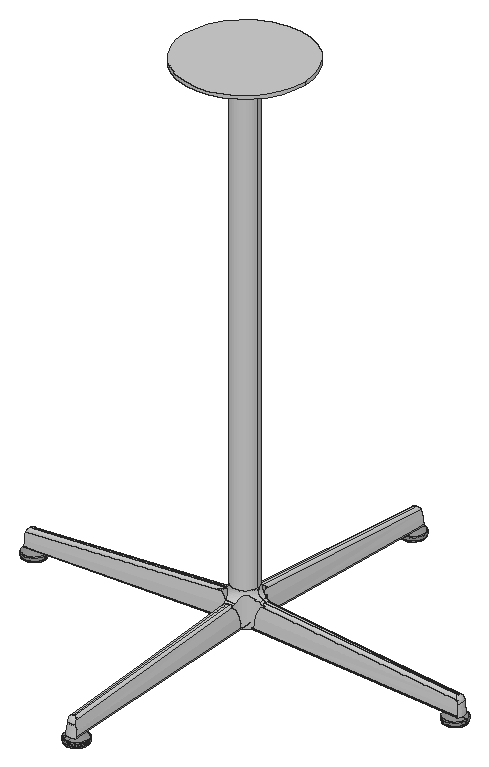
Revit family "FU_Table Base_Sandler_Elix 9-1", category Furniture, Revit 2020
Family settings
  OmniClass Number = 23.40.20.00
  OmniClass Title = General Furniture and Specialties
  Work Plane-Based = No
  Always vertical = Yes
  Cut with Voids When Loaded = No
  Shared = No
  Room Calculation Point = No
Parameters (values of type "Elix 9.1")
  Width = 880 mm
  URL = "https://www.sandlerseating.com/product/elix-9-1/"
  Model = "Elix 9.1"
  Manufacturer = "Sandler"
  Height = 1030 mm
  Description = "Table base with central column in steel tube and 4 spoke base made of cast aluminum alloy. Height 103cm (40.5″)"
  Depth = 880 mm
  Default Elevation = 0 mm
  Base [instance] = Metal - Chrome - Polished
Reference planes
  plane 1 "Center (Front/Back)": y = 0
  plane 2: z = 0
  plane 3 "Center (Left/Right)": x = 0
  plane 4 "Right": x = -440
  plane 5 "Left": x = 440
  plane 6 "Back": y = 440
  plane 7 "Front": y = -440
  plane 8 "Height": z = 1030
  plane 9 "Top Support Base FRONT": z = 1024
  plane 10 "Column Base FRONT": z = 30
Forms (mm)
  Revolve 1, solid, material "Rubber, Black"
    sketch origin (0, 0, 0) x (1, 0, 0) y (0, 0, 1)
      loop
        line (410.594, 13.752) -> (395.25, 8.808)
        arc (395.25, 8.808) -> (394.744, 8.442) -> (394.55, 7.848) r 1.009
        line (394.55, 7.848) -> (394.55, 3.083) -> (395.363, 3.083) -> (395.363, 0.508)
        arc (395.363, 0.508) -> (395.512, 0.149) -> (395.872, 0) r 0.508
        line (395.872, 0) -> (416.86, 0) -> (416.86, 17.876) -> (413.727, 17.876) -> (413.727, 13.752) -> (410.594, 13.752)
      axis (416.86, 17.876) -> (416.86, 0)
    angle from 0 to 360
  SweptBlend 2, solid, material "Metal - Chrome - Polished" <- "Base"
    path origin (0, 0, 0) x (0, 1, 0) y (0, 0, 1)
      loop
        line (0, 30.809) -> (440, 13.61)
    profile "Pro_Elix_leg 01 : Pro_Elix_leg 01" origin (0, 0, 30.809) x (0, 0.039059, 0.999237) y (1, 0, 0)
      loop
        line (0, 10.812) -> (0, -10.831)
        arc (0, -10.831) -> (0.601, -12.24) -> (2.035, -12.78) r 1.951
        arc (2.035, -12.78) -> (24.003, -11.524) -> (45.777, -8.35) r 251.335
        arc (45.777, -8.35) -> (48.704, -6.451) -> (50.036, -3.226) r 5.871
        arc (50.036, -3.226) -> (50.226, 0) -> (50.036, 3.226) r 27.435
        arc (50.036, 3.226) -> (48.358, 6.831) -> (44.768, 8.541) r 5.871
        arc (44.768, 8.541) -> (23.494, 11.575) -> (2.038, 12.78) r 251.335
        arc (2.038, 12.78) -> (0.601, 12.229) -> (0, 10.812) r 1.97
    end profile "Pro_Elix_leg 02 : Pro_Elix_leg 02" origin (0, 440, 13.61) x (0, 0.039059, 0.999237) y (1, 0, 0)
      loop
        arc (2.027, 10.201) -> (0.598, 9.653) -> (0, 8.245) r 1.957
        line (0, 8.245) -> (0, -8.201)
        arc (0, -8.201) -> (0.611, -9.64) -> (2.071, -10.199) r 2
        arc (2.071, -10.199) -> (15.038, -9.327) -> (27.923, -7.64) r 206.561
        arc (27.923, -7.64) -> (31.401, -5.74) -> (32.922, -2.08) r 5.969
        arc (32.922, -2.08) -> (32.981, -0.031) -> (32.93, 2.02) r 38.231
        arc (32.93, 2.02) -> (31.402, 5.723) -> (27.889, 7.646) r 6.016
        arc (27.889, 7.646) -> (14.998, 9.331) -> (2.027, 10.201) r 206.561
  Sweep 3, void
    path origin (0, 0, 0) x (0, 1, 0) y (0, 0, 1)
      loop
        line (432.168, 12.166) -> (430.049, 36.382)
        arc (430.049, 36.382) -> (426.614, 44.752) -> (418.432, 48.611) r 12.5
    profile "Pro_edgeCut_20mm : Pro_edgeCut_20mm" origin (0, 431.109, 24.274) x (0, -0.996195, -0.087155) y (1, 0, 0)
      loop
        line (-19, 20) -> (-19, -20) -> (5.142, -14.142)
        arc (5.142, -14.142) -> (-0.716, 0) -> (5.142, 14.142) r 20
        line (5.142, 14.142) -> (-19, 20)
  Revolve 4, solid, material "Rubber, Black"
    sketch origin (0, 0, 0) x (-1, 0, 0) y (0, 0, 1)
      loop
        line (410.594, 13.752) -> (395.25, 8.808)
        arc (395.25, 8.808) -> (394.744, 8.442) -> (394.55, 7.848) r 1.009
        line (394.55, 7.848) -> (394.55, 3.083) -> (395.363, 3.083) -> (395.363, 0.508)
        arc (395.363, 0.508) -> (395.512, 0.149) -> (395.872, 0) r 0.508
        line (395.872, 0) -> (416.86, 0) -> (416.86, 17.876) -> (413.727, 17.876) -> (413.727, 13.752) -> (410.594, 13.752)
      axis (416.86, 17.876) -> (416.86, 0)
    angle from 0 to 360
  Revolve 5, solid, material "Rubber, Black"
    sketch origin (0, 0, 0) x (0, 1, 0) y (0, 0, 1)
      loop
        line (410.594, 13.752) -> (395.25, 8.808)
        arc (395.25, 8.808) -> (394.744, 8.442) -> (394.55, 7.848) r 1.009
        line (394.55, 7.848) -> (394.55, 3.083) -> (395.363, 3.083) -> (395.363, 0.508)
        arc (395.363, 0.508) -> (395.512, 0.149) -> (395.872, 0) r 0.508
        line (395.872, 0) -> (416.86, 0) -> (416.86, 17.876) -> (413.727, 17.876) -> (413.727, 13.752) -> (410.594, 13.752)
      axis (416.86, 17.876) -> (416.86, 0)
    angle from 0 to 360
  Revolve 6, solid, material "Rubber, Black"
    sketch origin (0, 0, 0) x (0, -1, 0) y (0, 0, -1)
      loop
        line (410.594, -13.752) -> (413.727, -13.752) -> (413.727, -17.876) -> (416.86, -17.876) -> (416.86, 0) -> (395.872, 0)
        arc (395.872, 0) -> (395.512, -0.149) -> (395.363, -0.508) r 0.508
        line (395.363, -0.508) -> (395.363, -3.083) -> (394.55, -3.083) -> (394.55, -7.848)
        arc (394.55, -7.848) -> (394.744, -8.442) -> (395.25, -8.808) r 1.009
        line (395.25, -8.808) -> (410.594, -13.752)
      axis (416.86, -17.876) -> (416.86, 0)
    angle from 0 to 360
  SweptBlend 7, solid, material "Metal - Chrome - Polished" <- "Base"
    path origin (-0.019, 0, 0) x (0.000042, -1, 0) y (0, 0, 1)
      loop
        line (0, 30.809) -> (440, 13.61)
    profile "Pro_Elix_leg 01 : Pro_Elix_leg 01" origin (-0.019, 0, 30.809) x (0.000002, -0.039059, 0.999237) y (-1, -0.000042, 0)
      loop
        line (0, 10.812) -> (0, -10.831)
        arc (0, -10.831) -> (0.601, -12.24) -> (2.035, -12.78) r 1.951
        arc (2.035, -12.78) -> (24.003, -11.524) -> (45.777, -8.35) r 251.335
        arc (45.777, -8.35) -> (48.704, -6.451) -> (50.036, -3.226) r 5.871
        arc (50.036, -3.226) -> (50.226, 0) -> (50.036, 3.226) r 27.435
        arc (50.036, 3.226) -> (48.358, 6.831) -> (44.768, 8.541) r 5.871
        arc (44.768, 8.541) -> (23.494, 11.575) -> (2.038, 12.78) r 251.335
        arc (2.038, 12.78) -> (0.601, 12.229) -> (0, 10.812) r 1.97
    end profile "Pro_Elix_leg 02 : Pro_Elix_leg 02" origin (-0.001, -440, 13.61) x (0.000002, -0.039059, 0.999237) y (-1, -0.000042, 0)
      loop
        arc (2.027, 10.201) -> (0.598, 9.653) -> (0, 8.245) r 1.957
        line (0, 8.245) -> (0, -8.201)
        arc (0, -8.201) -> (0.611, -9.64) -> (2.071, -10.199) r 2
        arc (2.071, -10.199) -> (15.038, -9.327) -> (27.923, -7.64) r 206.561
        arc (27.923, -7.64) -> (31.401, -5.74) -> (32.922, -2.08) r 5.969
        arc (32.922, -2.08) -> (32.981, -0.031) -> (32.93, 2.02) r 38.231
        arc (32.93, 2.02) -> (31.402, 5.723) -> (27.889, 7.646) r 6.016
        arc (27.889, 7.646) -> (14.998, 9.331) -> (2.027, 10.201) r 206.561
  Sweep 8, void
    path origin (-0.019, 0, 0) x (0.000042, -1, 0) y (0, 0, 1)
      loop
        line (432.168, 12.166) -> (430.049, 36.382)
        arc (430.049, 36.382) -> (426.614, 44.752) -> (418.432, 48.611) r 12.5
    profile "Pro_edgeCut_20mm : Pro_edgeCut_20mm" origin (-0.001, -431.109, 24.274) x (-0.000042, 0.996195, -0.087155) y (-1, -0.000042, 0)
      loop
        line (-19, 20) -> (-19, -20) -> (5.142, -14.142)
        arc (5.142, -14.142) -> (-0.716, 0) -> (5.142, 14.142) r 20
        line (5.142, 14.142) -> (-19, 20)
  Revolve 9, solid, material "Rubber, Black"
    sketch origin (-0.019, 0, 0) x (0.000042, -1, 0) y (0, 0, 1)
      loop
        line (410.594, 13.752) -> (395.25, 8.808)
        arc (395.25, 8.808) -> (394.744, 8.442) -> (394.55, 7.848) r 1.009
        line (394.55, 7.848) -> (394.55, 3.083) -> (395.363, 3.083) -> (395.363, 0.508)
        arc (395.363, 0.508) -> (395.512, 0.149) -> (395.872, 0) r 0.508
        line (395.872, 0) -> (416.86, 0) -> (416.86, 17.876) -> (413.727, 17.876) -> (413.727, 13.752) -> (410.594, 13.752)
      axis (416.86, 17.876) -> (416.86, 0)
    angle from 0 to 360
  SweptBlend 10, solid, material "Metal - Chrome - Polished" <- "Base"
    path origin (0, -0.001, 0) x (1, -0.000001, 0) y (0, 0, 1)
      loop
        line (0, 30.809) -> (440, 13.61)
    profile "Pro_Elix_leg 01 : Pro_Elix_leg 01" origin (0, -0.001, 30.809) x (0.039059, 0, 0.999237) y (-0.000001, -1, 0)
      loop
        line (0, 10.812) -> (0, -10.831)
        arc (0, -10.831) -> (0.601, -12.24) -> (2.035, -12.78) r 1.951
        arc (2.035, -12.78) -> (24.003, -11.524) -> (45.777, -8.35) r 251.335
        arc (45.777, -8.35) -> (48.704, -6.451) -> (50.036, -3.226) r 5.871
        arc (50.036, -3.226) -> (50.226, 0) -> (50.036, 3.226) r 27.435
        arc (50.036, 3.226) -> (48.358, 6.831) -> (44.768, 8.541) r 5.871
        arc (44.768, 8.541) -> (23.494, 11.575) -> (2.038, 12.78) r 251.335
        arc (2.038, 12.78) -> (0.601, 12.229) -> (0, 10.812) r 1.97
    end profile "Pro_Elix_leg 02 : Pro_Elix_leg 02" origin (440, -0.002, 13.61) x (0.039059, 0, 0.999237) y (-0.000001, -1, 0)
      loop
        arc (2.027, 10.201) -> (0.598, 9.653) -> (0, 8.245) r 1.957
        line (0, 8.245) -> (0, -8.201)
        arc (0, -8.201) -> (0.611, -9.64) -> (2.071, -10.199) r 2
        arc (2.071, -10.199) -> (15.038, -9.327) -> (27.923, -7.64) r 206.561
        arc (27.923, -7.64) -> (31.401, -5.74) -> (32.922, -2.08) r 5.969
        arc (32.922, -2.08) -> (32.981, -0.031) -> (32.93, 2.02) r 38.231
        arc (32.93, 2.02) -> (31.402, 5.723) -> (27.889, 7.646) r 6.016
        arc (27.889, 7.646) -> (14.998, 9.331) -> (2.027, 10.201) r 206.561
  Sweep 11, void
    path origin (0, -0.001, 0) x (1, -0.000001, 0) y (0, 0, 1)
      loop
        line (432.168, 12.166) -> (430.049, 36.382)
        arc (430.049, 36.382) -> (426.614, 44.752) -> (418.432, 48.611) r 12.5
    profile "Pro_edgeCut_20mm : Pro_edgeCut_20mm" origin (431.108, -0.002, 24.274) x (-0.996195, 0.000001, -0.087155) y (-0.000001, -1, 0)
      loop
        line (-19, 20) -> (-19, -20) -> (5.142, -14.142)
        arc (5.142, -14.142) -> (-0.716, 0) -> (5.142, 14.142) r 20
        line (5.142, 14.142) -> (-19, 20)
  SweptBlend 12, solid, material "Metal - Chrome - Polished" <- "Base"
    path origin (0, 0.018, 0) x (-1, -0.000041, 0) y (0, 0, 1)
      loop
        line (0, 30.809) -> (440, 13.61)
    profile "Pro_Elix_leg 01 : Pro_Elix_leg 01" origin (0, 0.018, 30.809) x (-0.039059, -0.000002, 0.999237) y (-0.000041, 1, 0)
      loop
        line (0, 10.812) -> (0, -10.831)
        arc (0, -10.831) -> (0.601, -12.24) -> (2.035, -12.78) r 1.951
        arc (2.035, -12.78) -> (24.003, -11.524) -> (45.777, -8.35) r 251.335
        arc (45.777, -8.35) -> (48.704, -6.451) -> (50.036, -3.226) r 5.871
        arc (50.036, -3.226) -> (50.226, 0) -> (50.036, 3.226) r 27.435
        arc (50.036, 3.226) -> (48.358, 6.831) -> (44.768, 8.541) r 5.871
        arc (44.768, 8.541) -> (23.494, 11.575) -> (2.038, 12.78) r 251.335
        arc (2.038, 12.78) -> (0.601, 12.229) -> (0, 10.812) r 1.97
    end profile "Pro_Elix_leg 02 : Pro_Elix_leg 02" origin (-440, 0, 13.61) x (-0.039059, -0.000002, 0.999237) y (-0.000041, 1, 0)
      loop
        arc (2.027, 10.201) -> (0.598, 9.653) -> (0, 8.245) r 1.957
        line (0, 8.245) -> (0, -8.201)
        arc (0, -8.201) -> (0.611, -9.64) -> (2.071, -10.199) r 2
        arc (2.071, -10.199) -> (15.038, -9.327) -> (27.923, -7.64) r 206.561
        arc (27.923, -7.64) -> (31.401, -5.74) -> (32.922, -2.08) r 5.969
        arc (32.922, -2.08) -> (32.981, -0.031) -> (32.93, 2.02) r 38.231
        arc (32.93, 2.02) -> (31.402, 5.723) -> (27.889, 7.646) r 6.016
        arc (27.889, 7.646) -> (14.998, 9.331) -> (2.027, 10.201) r 206.561
  Sweep 13, void
    path origin (0, 0.018, 0) x (-1, -0.000041, 0) y (0, 0, 1)
      loop
        line (432.168, 12.166) -> (430.049, 36.382)
        arc (430.049, 36.382) -> (426.614, 44.752) -> (418.432, 48.611) r 12.5
    profile "Pro_edgeCut_20mm : Pro_edgeCut_20mm" origin (-431.109, 0, 24.274) x (0.996195, 0.000041, -0.087155) y (-0.000041, 1, 0)
      loop
        line (-19, 20) -> (-19, -20) -> (5.142, -14.142)
        arc (5.142, -14.142) -> (-0.716, 0) -> (5.142, 14.142) r 20
        line (5.142, 14.142) -> (-19, 20)
  Revolve 14, void
    sketch origin (0, 0, 0) x (1, 0, 0) y (0, 0, 1)
      loop
        line (36.075, 79.65) -> (64.504, 65) -> (75.234, 65) -> (75.234, 117.419) -> (45.234, 117.419)
        arc (45.234, 117.419) -> (25.803, 102.136) -> (36.075, 79.65) r 19.995
      axis (0, 117.419) -> (0, 65)
    angle from 0 to 360
  Extrusion 15, solid, material "Metal - Chrome - Polished" <- "Base"
    sketch origin (0, 0, 0) x (1, 0, 0) y (0, 1, 0)
      loop
        arc (-43.388, 8) -> (-51.388, 0) -> (-43.388, -8) r 8
        arc (-43.388, -8) -> (-18.365, -18.365) -> (-8, -43.388) r 35.388
        arc (-8, -43.388) -> (0, -51.388) -> (8, -43.388) r 8
        arc (8, -43.388) -> (18.365, -18.365) -> (43.388, -8) r 35.388
        arc (43.388, -8) -> (51.388, 0) -> (43.388, 8) r 8
        arc (43.388, 8) -> (18.365, 18.365) -> (8, 43.388) r 35.388
        arc (8, 43.388) -> (0, 51.388) -> (-8, 43.388) r 8
        arc (-8, 43.388) -> (-18.365, 18.365) -> (-43.388, 8) r 35.388
    from 30.809 to 97.929
  Extrusion 16, solid, material "Metal - Chrome - Polished" <- "Base"
    sketch origin (0, 0, 0) x (1, 0, 0) y (0, 1, 0)
      loop
        circle (-0.01, 0) r 25
    from 30 to 1024
  Extrusion 17, solid, material "Metal - Chrome - Polished" <- "Base"
    sketch origin (0, 0, 1024) x (-1, 0, 0) y (0, -1, 0)
      loop
        circle (0.01, 0) r 120
    from 0 to 6
Cuts and joins
  Sweep 3, Sweep 8, Sweep 11 cuts SweptBlend 2
  Sweep 8, Sweep 13 cuts SweptBlend 7
  Sweep 11 cuts SweptBlend 10
  Sweep 13 cuts SweptBlend 12
  Revolve 14 cuts Extrusion 15
Dimensions and locks
  equal spacing: plane 4 "Right", plane 3 "Center (Left/Right)", plane 5 "Left"
  "Width": plane 4 "Right" to plane 5 "Left"
  equal spacing: plane 6 "Back", plane 1 "Center (Front/Back)", plane 7 "Front"
  "Depth": plane 6 "Back" to plane 7 "Front"
  "Height": plane 8 "Height" to level
  locked: plane 8 "Height" to plane 9 "Top Support Base FRONT" at 6
  locked: plane 10 "Column Base FRONT" to level at 30
  aligned and locked: level to plane 2
  aligned and locked: Extrusion 16 to plane 10 "Column Base FRONT"
  aligned and locked: plane 9 "Top Support Base FRONT" to Extrusion 16
  aligned and locked: Extrusion 17 to plane 9 "Top Support Base FRONT"
  aligned and locked: plane 8 "Height" to Extrusion 17
Automatic sketch dimensions
  Revolve 1 sketch curve to level = 0 mm  (x2)
  level to Revolve 1 sketch curve = 3.083 mm
  plane 5 "Left" to Revolve 1 sketch curve = 45.45 mm
  level to Revolve 1 sketch curve = 8.808 mm
  Revolve 1 sketch curve to Revolve 1 sketch curve = 0.7 mm
  level to Revolve 1 sketch curve = 0.508 mm
  Revolve 1 sketch curve to Revolve 1 sketch curve = 0.813 mm
  Revolve 1 sketch curve to Revolve 1 sketch curve = 1.009 mm
  level to Revolve 1 sketch curve = 13.752 mm
  Revolve 1 sketch curve to Revolve 1 sketch curve = 15.344 mm
  Revolve 1 sketch curve to Revolve 1 sketch curve = 3.133 mm  (x2)
  Revolve 1 sketch curve to Revolve 1 sketch curve = 4.124 mm
  Revolve 1 sketch curve to Revolve 1 sketch curve = 0 mm  (x2)
  SweptBlend 2 sketch curve to plane 1 "Center (Front/Back)" = 0 mm
  SweptBlend 2 sketch curve to plane 6 "Back" = 0 mm
  level to SweptBlend 2 sketch curve = 13.61 mm
  level to SweptBlend 2 sketch curve = 30.809 mm
  Sweep 3 sketch curve to plane 6 "Back" = 22.448 mm
  Sweep 3 sketch curve to plane 6 "Back" = 9.951 mm
  level to Sweep 3 sketch curve = 36.142 mm
  Sweep 3 sketch curve to Sweep 3 sketch curve = 0.239 mm
  Sweep 3 sketch curve to Sweep 3 sketch curve = 0.88 mm
  Sweep 3 sketch curve to plane 6 "Back" = 7.832 mm
  level to Sweep 3 sketch curve = 12.166 mm
  Revolve 4 sketch curve to level = 0 mm  (x2)
  Revolve 4 sketch curve to level = 3.083 mm
  plane 4 "Right" to Revolve 4 sketch curve = 45.45 mm
  Revolve 4 sketch curve to level = 8.808 mm
  Revolve 4 sketch curve to Revolve 4 sketch curve = 0.7 mm
  Revolve 4 sketch curve to level = 0.508 mm
  Revolve 4 sketch curve to Revolve 4 sketch curve = 0.813 mm
  Revolve 4 sketch curve to Revolve 4 sketch curve = 1.009 mm
  Revolve 4 sketch curve to level = 13.752 mm
  Revolve 4 sketch curve to Revolve 4 sketch curve = 15.344 mm
  Revolve 4 sketch curve to Revolve 4 sketch curve = 3.133 mm  (x2)
  Revolve 4 sketch curve to Revolve 4 sketch curve = 4.124 mm
  Revolve 4 sketch curve to Revolve 4 sketch curve = 0 mm  (x2)
  Revolve 5 sketch curve to level = 0 mm  (x2)
  level to Revolve 5 sketch curve = 3.083 mm
  Revolve 5 sketch curve to plane 6 "Back" = 45.45 mm
  level to Revolve 5 sketch curve = 8.808 mm
  Revolve 5 sketch curve to Revolve 5 sketch curve = 0.7 mm
  level to Revolve 5 sketch curve = 0.508 mm
  Revolve 5 sketch curve to Revolve 5 sketch curve = 0.813 mm
  Revolve 5 sketch curve to Revolve 5 sketch curve = 1.009 mm
  level to Revolve 5 sketch curve = 13.752 mm
  Revolve 5 sketch curve to Revolve 5 sketch curve = 15.344 mm
  Revolve 5 sketch curve to Revolve 5 sketch curve = 3.133 mm  (x2)
  Revolve 5 sketch curve to Revolve 5 sketch curve = 4.124 mm
  Revolve 5 sketch curve to Revolve 5 sketch curve = 0 mm  (x2)
  Revolve 6 sketch curve to level = 0 mm  (x2)
  level to Revolve 6 sketch curve = 3.083 mm
  plane 7 "Front" to Revolve 6 sketch curve = 45.45 mm
  level to Revolve 6 sketch curve = 8.808 mm
  Revolve 6 sketch curve to Revolve 6 sketch curve = 0.7 mm
  level to Revolve 6 sketch curve = 0.508 mm
  Revolve 6 sketch curve to Revolve 6 sketch curve = 0.813 mm
  Revolve 6 sketch curve to Revolve 6 sketch curve = 1.009 mm
  level to Revolve 6 sketch curve = 13.752 mm
  Revolve 6 sketch curve to Revolve 6 sketch curve = 15.344 mm
  Revolve 6 sketch curve to Revolve 6 sketch curve = 3.133 mm  (x2)
  Revolve 6 sketch curve to Revolve 6 sketch curve = 4.124 mm
  Revolve 6 sketch curve to Revolve 6 sketch curve = 0 mm  (x2)
  level to SweptBlend 7 sketch curve = 30.809 mm
  level to SweptBlend 7 sketch curve = 13.61 mm
  SweptBlend 7 sketch curve to SweptBlend 7 sketch curve = 440 mm
  level to Sweep 8 sketch curve = 36.142 mm
  level to Sweep 8 sketch curve = 36.382 mm
  Sweep 8 sketch curve to Sweep 8 sketch curve = 12.498 mm
  Sweep 8 sketch curve to Sweep 8 sketch curve = 0.88 mm
  level to Sweep 8 sketch curve = 12.166 mm
  Sweep 8 sketch curve to Sweep 8 sketch curve = 2.119 mm
  Revolve 9 sketch curve to level = 0 mm  (x2)
  level to Revolve 9 sketch curve = 3.083 mm
  level to Revolve 9 sketch curve = 8.808 mm
  Revolve 9 sketch curve to Revolve 9 sketch curve = 0.7 mm
  level to Revolve 9 sketch curve = 0.508 mm
  Revolve 9 sketch curve to Revolve 9 sketch curve = 0.813 mm
  Revolve 9 sketch curve to Revolve 9 sketch curve = 1.009 mm
  level to Revolve 9 sketch curve = 13.752 mm
  Revolve 9 sketch curve to Revolve 9 sketch curve = 15.344 mm
  Revolve 9 sketch curve to Revolve 9 sketch curve = 3.133 mm  (x2)
  Revolve 9 sketch curve to Revolve 9 sketch curve = 4.124 mm
  Revolve 9 sketch curve to Revolve 9 sketch curve = 0 mm  (x2)
  level to SweptBlend 10 sketch curve = 30.809 mm
  level to SweptBlend 10 sketch curve = 13.61 mm
  SweptBlend 10 sketch curve to SweptBlend 10 sketch curve = 440 mm
  level to Sweep 11 sketch curve = 36.142 mm
  level to Sweep 11 sketch curve = 36.382 mm
  Sweep 11 sketch curve to Sweep 11 sketch curve = 12.498 mm
  Sweep 11 sketch curve to Sweep 11 sketch curve = 0.88 mm
  level to Sweep 11 sketch curve = 12.166 mm
  Sweep 11 sketch curve to Sweep 11 sketch curve = 2.119 mm
  level to SweptBlend 12 sketch curve = 30.809 mm
  level to SweptBlend 12 sketch curve = 13.61 mm
  SweptBlend 12 sketch curve to SweptBlend 12 sketch curve = 440 mm
  level to Sweep 13 sketch curve = 36.142 mm
  level to Sweep 13 sketch curve = 36.382 mm
  Sweep 13 sketch curve to Sweep 13 sketch curve = 12.498 mm
  Sweep 13 sketch curve to Sweep 13 sketch curve = 0.88 mm
  level to Sweep 13 sketch curve = 12.166 mm
  Sweep 13 sketch curve to Sweep 13 sketch curve = 2.119 mm
  Revolve 14 sketch curve to plane 3 "Center (Left/Right)" = 0 mm
  plane 3 "Center (Left/Right)" to Revolve 14 sketch curve = 45.234 mm
  Revolve 14 sketch curve to Revolve 14 sketch curve = 30 mm
  level to Revolve 14 sketch curve = 97.424 mm
  Revolve 14 sketch curve to Revolve 14 sketch curve = 19.995 mm
  Revolve 14 sketch curve to Revolve 14 sketch curve = 9.159 mm
  Revolve 14 sketch curve to Revolve 14 sketch curve = 10.73 mm
  Revolve 14 sketch curve to Revolve 14 sketch curve = 14.65 mm  (x2)
  Revolve 14 sketch curve to Revolve 14 sketch curve = 17.581 mm
  Extrusion 15 sketch curve to plane 1 "Center (Front/Back)" = 0 mm  (x2)
  Extrusion 15 sketch curve to Extrusion 15 sketch curve = 0 mm  (x8)
  Extrusion 15 sketch curve to plane 3 "Center (Left/Right)" = 0 mm  (x2)
  plane 3 "Center (Left/Right)" to Extrusion 15 sketch curve = 43.388 mm
  Extrusion 15 sketch curve to Extrusion 15 sketch curve = 43.388 mm
  Extrusion 15 sketch curve to Extrusion 15 sketch curve = 8 mm  (x2)
  plane 1 "Center (Front/Back)" to Extrusion 16 sketch curve = 0 mm
  Extrusion 16 sketch curve to plane 3 "Center (Left/Right)" = 0.01 mm
  plane 1 "Center (Front/Back)" to Extrusion 17 sketch curve = 0 mm
  Extrusion 17 sketch curve to plane 3 "Center (Left/Right)" = 0.01 mm
  radius of Extrusion 16 sketch curve = 25 mm
  radius of Extrusion 17 sketch curve = 120 mm
